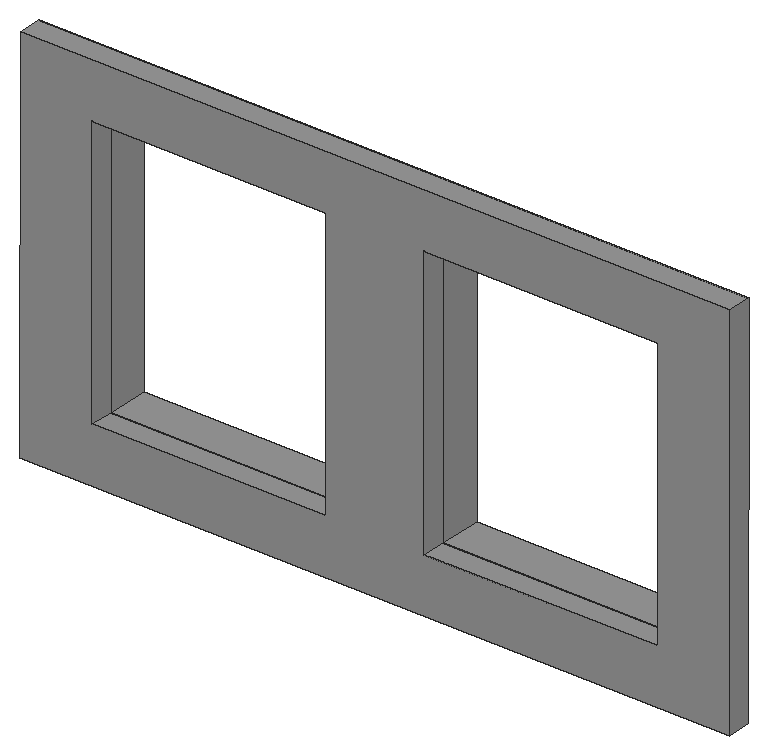
Revit family "IEK_РамкаДвухместная_Горизонтальная_IP20_КВАРТА", category Обобщенные модели, Revit 2019
Family settings
  Может служить основой для арматурных стержней = Нет
  Размер круглого соединителя = Использовать диаметр
  Тип детали = Нормальный
  На основе рабочей плоскости = Нет
  Всегда вертикально = Да
  При загрузке вырезать с полостями = Нет
  Общий = Нет
  Точка расчета площади = Нет
Parameters (values of type "РГ-2-ККм")
  Ширина = 153 mm  # constant formula
  Степень защиты = "IP20"  # constant formula
  Изготовитель = "IEK"  # constant formula
  Дата изменения = ""
  Высота = 81 mm  # constant formula
  KSI_CPr_Строительные изделия = ""
  KSI_CMa_Строительные материалы = "01.7.14.03"  # constant formula
  IEK_Цена за единицу = 75.73
  IEK_Поиск в таблице имен = ""
  IEK_Описание = "Классический дизайн, проверенный временем и востребованный различными категориями потребителей, позволяет устанавливать изделия серии \"КВАРТА\" в квартирах, загородных домах, офисных и производственных помещениях."
  IEK_URL = "https://www.iek.ru/products/catalog/izdeliya_elektroustanovochnye_udliniteli_i_silovye_razemy/elektroustanovochnye_izdeliya/elektroustanovochnye_izdeliya_skrytogo_montazha/elektroustanovochnye_izdeliya_kvarta/elektroustanovochnye_izdeliya_kvarta_tsvet_kremovyy/ramka_2_mestnaya_gorizontalnaya_rg_2_kkm_kvarta_kremovyy_iek"
  ADSK_Примечание = ""
  ADSK_Позиция [instance] = ""
  ADSK_Наименование = "Рамка 2-местная горизонтальная РГ-2-ККм КВАРТА кремовый IEK"
  ADSK_Материал обозначение = ""
  ADSK_Материал наименование = "Пластик"  # constant formula
  ADSK_Материал = Цвет кремовый
  ADSK_Масса = 0.031  # constant formula
  ADSK_Марка = "КВАРТА"  # constant formula
  ADSK_Код изделия = "EMK20-K33-DM"
  ADSK_Завод-изготовитель = "IEK"  # constant formula
  ADSK_Единица измерения = "шт"  # constant formula
  ADSK_Группирование = "III ЭЛЕКТРОУСТАНОВОЧНЫЕ И ЭЛЕКТРОМОНТАЖНЫЕ ИЗДЕЛИЯ"  # constant formula
  ADSK_Версия семейства = "1.0"  # constant formula
  ADSK_Версия Revit = "2019"  # constant formula
  ADSK_URL страницы изделия = "https://www.iek.ru/products/catalog/izdeliya_elektroustanovochnye_udliniteli_i_silovye_razemy/elektroustanovochnye_izdeliya/elektroustanovochnye_izdeliya_skrytogo_montazha/elektroustanovochnye_izdeliya_kvarta/?pagec=100"
Types (3, lengths in mm): name | IEK_Цена за единицу | IEK_URL | ADSK_Наименование | ADSK_Материал | ADSK_Код изделия
  (no name) | 75.73 | "https://www.iek.ru/products/catalog/izdeliya_elektroustanovochnye_udliniteli_i_silovye_razemy/elektroustanovochnye_izdeliya/elektroustanovochnye_izdeliya_skrytogo_montazha/elektroustanovochnye_izdeliya_kvarta/elektroustanovochnye_izdeliya_kvarta_tsvet_kremovyy/ramka_2_mestnaya_gorizontalnaya_rg_2_kkm_kvarta_kremovyy_iek" | "Рамка 2-местная горизонтальная РГ-2-ККм КВАРТА кремовый IEK" | Цвет кремовый | "EMK20-K33-DM"
  РГ-2-КБ | 81.78 | "https://www.iek.ru/products/catalog/izdeliya_elektroustanovochnye_udliniteli_i_silovye_razemy/elektroustanovochnye_izdeliya/elektroustanovochnye_izdeliya_skrytogo_montazha/elektroustanovochnye_izdeliya_kvarta/elektroustanovochnye_izdeliya_kvarta_tsvet_belyy/ramka_2_mestnaya_gorizontalnaya_rg_2_kb_kvarta_belyy_iek" | "Рамка 2-местная горизонтальная РГ-2-КБ КВАРТА белый IEK" | Цвет белый | "EMK20-K01-DM"
  РГ-2-ККм | 75.73 | "https://www.iek.ru/products/catalog/izdeliya_elektroustanovochnye_udliniteli_i_silovye_razemy/elektroustanovochnye_izdeliya/elektroustanovochnye_izdeliya_skrytogo_montazha/elektroustanovochnye_izdeliya_kvarta/elektroustanovochnye_izdeliya_kvarta_tsvet_kremovyy/ramka_2_mestnaya_gorizontalnaya_rg_2_kkm_kvarta_kremovyy_iek" | "Рамка 2-местная горизонтальная РГ-2-ККм КВАРТА кремовый IEK" | Цвет кремовый | "EMK20-K33-DM"
Reference planes
  plane 1 "По центру (Вперед/Назад)": y = 0
  plane 2: z = 0
  plane 3 "По центру (Влево/Вправо)": x = 0
  plane 4 "Высота ножек": z = 280
  plane 5 "Высота": z = 2081.496
Forms (mm)
  Extrusion 1, solid, detail levels coarse+medium
    sketch origin (-75.75, 0, 40.75) x (0, 0, -1) y (0, 1, 0)
      loop
        line (-40.5, 0) -> (40.5, 0) -> (40.5, 4) -> (-40.5, 4) -> (-40.5, 0)
    from 0 to 153
  Extrusion 2, solid, material "Цвет кремовый" <- "ADSK_Материал", detail levels fine
    sketch origin (0, 0, 40.75) x (-1, 0, 0) y (0, 0, 1)
      loop
        line (-75.75, 40.75) -> (-75.75, -40.75) -> (75.75, -40.75) -> (75.75, 40.75) -> (-75.75, 40.75)
    from 0 to 5
  Blend 3, solid, material "Цвет кремовый" <- "ADSK_Материал", detail levels fine
    base sketch origin (0, 0, 40.75) x (-1, 0, 0) y (0, 0, 1)
      loop
        line (-75.75, 40.75) -> (-75.75, -40.75) -> (0, -40.75) -> (0, 40.75) -> (-75.75, 40.75)
    top sketch origin (0, 0, 40.75) x (-1, 0, 0) y (0, 0, 1)
      loop
        line (-10.5, -29) -> (-10.5, 29) -> (-60.5, 29) -> (-60.5, -29) -> (-10.5, -29)
    from 5 to 14
  Extrusion 4, void
    sketch origin (0, 0, 40.75) x (-1, 0, 0) y (0, 0, 1)
      loop
        line (-60.5, 29) -> (-60.5, -29) -> (-10.5, -29) -> (-10.5, 29) -> (-60.5, 29)
      loop
        line (10.5, 29) -> (10.5, -29) -> (60.5, -29) -> (60.5, 29) -> (10.5, 29)
    from 0 to 14
  Blend 5, solid, material "Цвет кремовый" <- "ADSK_Материал", detail levels fine
    base sketch origin (0, 0, 40.75) x (1, 0, 0) y (0, 0, -1)
      loop
        line (-75.75, -40.75) -> (0, -40.75) -> (0, 40.75) -> (-75.75, 40.75) -> (-75.75, -40.75)
    top sketch origin (0, 0, 40.75) x (1, 0, 0) y (0, 0, -1)
      loop
        line (-60.5, 29) -> (-60.5, -29) -> (-10.5, -29) -> (-10.5, 29) -> (-60.5, 29)
    from 5 to 14
Cuts and joins
  Extrusion 4 cuts Blend 3
  Extrusion 4 cuts Extrusion 2
  Extrusion 4 cuts Blend 5
Dimensions and locks
  locked: plane 4 "Высота ножек" to plane 2 at 280
  plane 5 "Высота" to plane 4 "Высота ножек" = 1801.496 mm
  aligned and locked: level to plane 2
